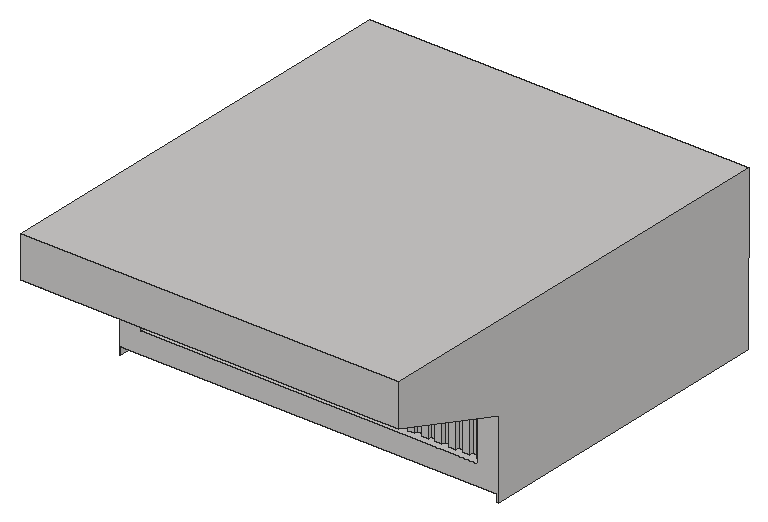
Revit family "QF_ZANUSSI_922729_HOEXFA61021", category Specialty Equipment, Revit 2021
Family settings
  Round Connector Dimension = Use Diameter
  Part Type = Normal
  Work Plane-Based = No
  Always vertical = Yes
  Cut with Voids When Loaded = No
  Shared = No
  Room Calculation Point = No
Parameters
  Weight = 66.00 kg
  Watts = 0 W
  Volts = 220 V
  URL Manufacturer = "http://www.zanussiprofessional.com"
  URL = "http://www.zanussiprofessional.com"
  Steam Supply Size = 0 mm
  Steam Supply Minimum Pressure = 0.0 Pa
  Steam Supply Maximum Pressure = 0.0 Pa
  Steam Pounds per Hour = 0
  Show Logo [instance] = yes
  Show Clearance [instance] = yes
  Refrigeration Suction Line Size = 0 mm
  Refrigeration Liquid Line Size = 0 mm
  Refrigerant Compressor Remote = yes
  Manufacturer = "Zanussi"
  Phase = 1
  Model = "HOST21"
  Length Actual = 1098 mm
  Item Number = "922729"
  Hot Water Size = 0 mm
  Height Actual = 450 mm
  HP = "0.6 HP"
  Gas Size = 0 mm
  Gas KW = 0
  Gas Input Pressure = 0 W
  Direct Waste Size = 0 mm
  Description = "EXHAUST HOOD WITH FAN FOR 6&10 GN 2/1 OVEN"
  Depth Actual = 1266 mm
  Default Elevation = 0 mm
  Cycle = 50 Hz
  Condensate Return Size = 0 mm
  Compressed Air Volume = 0.0 L/s
  Compressed Air Size = 0 mm
  Compressed Air Pressure = 0.0 Pa
  Cold Water Size = 0 mm
  Accessory = no
Reference planes
  plane 1 "Center X": y = 190.351
  plane 2: z = 0
  plane 3 "Center Y": x = -215
  plane 4 "LEFT": x = -760
  plane 5 "BACK": y = 675.851
  plane 6 "RIGHT": x = 330
  plane 7 "FRONT": y = -295.149
  plane 8 "TOP": z = 1728
  plane 9: y = -590.149
  plane 10: x = -764
  plane 11: x = 334
  plane 12: z = 2178
Forms (mm)
  Extrusion 1, solid, material "QF_Clearance", visible <- "Show Clearance", detail levels coarse
    sketch origin (0, 0, 0) x (1, 0, 0) y (0, 1, 0)
      loop
        line (-764, 675.851) -> (334, 675.851) -> (334, 825.851) -> (-764, 825.851) -> (-764, 675.851)
    from 1707 to 2178
  Extrusion 2, solid, material "QF_Clearance", visible <- "Show Clearance", detail levels coarse
    sketch origin (-1150.39, -1524, 2178) x (-1, 0, 0) y (0, -1, 0)
      loop
        line (-386.39, -933.851) -> (-1484.39, -933.851) -> (-1484.39, -2349.851) -> (-386.39, -2349.851) -> (-386.39, -933.851)
    from 450 to 0
  Extrusion 3, solid, material "QF_Finishes_Stainless Steel"
    sketch origin (-215, 0, 0) x (0, 1, 0) y (0, 0, 1)
      loop
        line (675.851, 1728) -> (675.851, 2178) -> (-590.149, 2178) -> (-590.149, 2057.936) -> (-230.149, 1933.979) -> (-230.149, 1728) -> (675.851, 1728)
    from -549 to -489
  Extrusion 4, solid, material "QF_Finishes_Stainless Steel"
    sketch origin (-215, 0, 0) x (0, 1, 0) y (0, 0, 1)
      loop
        line (675.851, 1728) -> (675.851, 2178) -> (-590.149, 2178) -> (-590.149, 2057.936) -> (-230.149, 1933.979) -> (-230.149, 1728) -> (675.851, 1728)
    from 549 to 489
  Extrusion 5, solid, material "QF_Finishes_Stainless Steel"
    sketch origin (-215, 0, 0) x (0, 1, 0) y (0, 0, 1)
      loop
        line (675.851, 1728) -> (675.851, 2178) -> (-590.149, 2178) -> (-590.149, 2057.936) -> (-210.149, 2057.936) -> (-210.149, 1788) -> (-230.149, 1788) -> (-230.149, 1728) -> (675.851, 1728)
    from -489 to 489
  Extrusion 6, solid, material "QF_Finishes_Stainless Steel"
    sketch origin (0, -295.149, 0) x (-1, 0, 0) y (0, 0, 1)
      loop
        line (764, 1728) -> (760, 1728) -> (760, 1707) -> (764, 1707) -> (764, 1728)
      loop
        line (-330, 1728) -> (-334, 1728) -> (-334, 1707) -> (-330, 1707) -> (-330, 1728)
    from 65 to 971
  Extrusion 7, void
    sketch origin (0, 0, 0) x (1, 0, 0) y (0, 1, 0)
      loop
        line (-685, -200.149) -> (-685, -210.149) -> (-665, -210.149) -> (-665, -200.149) -> (-685, -200.149)
      loop
        line (-645, -200.149) -> (-645, -210.149) -> (-625, -210.149) -> (-625, -200.149) -> (-645, -200.149)
      loop
        line (-605, -200.149) -> (-605, -210.149) -> (-585, -210.149) -> (-585, -200.149) -> (-605, -200.149)
      loop
        line (-565, -200.149) -> (-565, -210.149) -> (-545, -210.149) -> (-545, -200.149) -> (-565, -200.149)
      loop
        line (-525, -200.149) -> (-525, -210.149) -> (-505, -210.149) -> (-505, -200.149) -> (-525, -200.149)
      loop
        line (-485, -200.149) -> (-485, -210.149) -> (-465, -210.149) -> (-465, -200.149) -> (-485, -200.149)
      loop
        line (-445, -200.149) -> (-445, -210.149) -> (-425, -210.149) -> (-425, -200.149) -> (-445, -200.149)
      loop
        line (-405, -200.149) -> (-405, -210.149) -> (-385, -210.149) -> (-385, -200.149) -> (-405, -200.149)
      loop
        line (-365, -200.149) -> (-365, -210.149) -> (-345, -210.149) -> (-345, -200.149) -> (-365, -200.149)
      loop
        line (-325, -200.149) -> (-325, -210.149) -> (-305, -210.149) -> (-305, -200.149) -> (-325, -200.149)
      loop
        line (-285, -200.149) -> (-285, -210.149) -> (-265, -210.149) -> (-265, -200.149) -> (-285, -200.149)
      loop
        line (-245, -200.149) -> (-245, -210.149) -> (-225, -210.149) -> (-225, -200.149) -> (-245, -200.149)
      loop
        line (-205, -200.149) -> (-205, -210.149) -> (-185, -210.149) -> (-185, -200.149) -> (-205, -200.149)
      loop
        line (-165, -200.149) -> (-165, -210.149) -> (-145, -210.149) -> (-145, -200.149) -> (-165, -200.149)
      loop
        line (-125, -200.149) -> (-125, -210.149) -> (-105, -210.149) -> (-105, -200.149) -> (-125, -200.149)
      loop
        line (-85, -200.149) -> (-85, -210.149) -> (-65, -210.149) -> (-65, -200.149) -> (-85, -200.149)
      loop
        line (-45, -200.149) -> (-45, -210.149) -> (-25, -210.149) -> (-25, -200.149) -> (-45, -200.149)
      loop
        line (-5, -200.149) -> (-5, -210.149) -> (15, -210.149) -> (15, -200.149) -> (-5, -200.149)
      loop
        line (35, -200.149) -> (35, -210.149) -> (55, -210.149) -> (55, -200.149) -> (35, -200.149)
      loop
        line (75, -200.149) -> (75, -210.149) -> (95, -210.149) -> (95, -200.149) -> (75, -200.149)
      loop
        line (115, -200.149) -> (115, -210.149) -> (135, -210.149) -> (135, -200.149) -> (115, -200.149)
      loop
        line (155, -200.149) -> (155, -210.149) -> (175, -210.149) -> (175, -200.149) -> (155, -200.149)
      loop
        line (195, -200.149) -> (195, -210.149) -> (215, -210.149) -> (215, -200.149) -> (195, -200.149)
      loop
        line (235, -200.149) -> (235, -210.149) -> (255, -210.149) -> (255, -200.149) -> (235, -200.149)
    from 1788 to 2057.936
  Extrusion 8, solid, material "QF_Finishes_Stainless Steel"
    sketch origin (0, 675.851, 0) x (-1, 0, 0) y (0, 0, 1)
      loop
        circle (-309, 2113) r 8
      loop
        circle (215, 1746) r 7
    from 0 to 20
Cuts and joins
  joined: Extrusion 1, Extrusion 2
  Extrusion 7 cuts Extrusion 5
  joined: Extrusion 3, Extrusion 4, Extrusion 5, Extrusion 6, Extrusion 8
Lines and regions (mm)
  symbolic lines, style "QF_Clearances", visible <- "Show Clearance"
    curve 1: line (334, 825.851, 0) -> (-764, 825.851, 0)
  symbolic lines, style "Linee tratto punto"
    curve 2: line (-764, 675.851, 0) -> (334, 675.851, 0)
    curve 3: line (-764, -590.149, 0) -> (-764, 675.851, 0)
    curve 4: line (334, -590.149, 0) -> (-764, -590.149, 0)
    curve 5: line (334, 675.851, 0) -> (334, -590.149, 0)
    curve 16: line (-764, -590.149, 0) -> (334, 675.851, 0)
    curve 17: line (-764, 675.851, 0) -> (334, -590.149, 0)
  symbolic lines
    curve 6: line (-222, 695.851, 0) -> (-208, 695.851, 0)
    curve 7: line (-208, 695.851, 0) -> (-208, 675.851, 0)
    curve 8: line (-222, 695.851, 0) -> (-222, 675.851, 0)
    curve 9: line (317, 695.851, 0) -> (317, 675.851, 0)
    curve 10: line (317, 695.851, 0) -> (301, 695.851, 0)
    curve 11: line (301, 695.851, 0) -> (301, 675.851, 0)
  symbolic lines, style "SpecialityEquipmentHiddenLines"
    curve 12: line (-111, 534.851, 0) -> (189, 534.851, 0)
    curve 13: line (-111, 234.851, 0) -> (-111, 534.851, 0)
    curve 14: line (189, 234.851, 0) -> (-111, 234.851, 0)
    curve 15: line (189, 534.851, 0) -> (189, 234.851, 0)
Dimensions and locks
  equal spacing: plane 4 "LEFT", plane 3 "Center Y", plane 6 "RIGHT"
  plane 10 to plane 11 = 1098 mm
  plane 5 "BACK" to plane 9 = 1266 mm
  equal spacing: plane 5 "BACK", plane 1 "Center X", plane 7 "FRONT"
  locked: plane 10 to plane 4 "LEFT" at 4
  locked: plane 6 "RIGHT" to plane 11 at 4
  cut or joined group of Extrusion 3, Extrusion 4, Extrusion 5, Extrusion 6, Extrusion 7, Extrusion 8 to Extrusion 8 sketch curve = 39 mm
  Extrusion 8 sketch curve to plane 12 = 65 mm
  plane 11 to Extrusion 8 sketch curve = 25 mm
  aligned and locked: level to plane 2
Automatic sketch dimensions
  Extrusion 1 sketch curve to plane 10 = 0 mm
  Extrusion 1 sketch curve to plane 11 = 0 mm
  Extrusion 1 sketch curve to plane 5 "BACK" = 0 mm
  plane 5 "BACK" to Extrusion 1 sketch curve = 150 mm
  Extrusion 2 sketch curve to plane 9 = 0 mm
  Extrusion 2 sketch curve to plane 11 = 0 mm
  Extrusion 2 sketch curve to plane 10 = 0 mm
  plane 5 "BACK" to Extrusion 2 sketch curve = 150 mm
  Extrusion 3 sketch curve to plane 9 = 0 mm
  Extrusion 3 sketch curve to plane 8 "TOP" = 0 mm
  Extrusion 3 sketch curve to plane 5 "BACK" = 0 mm
  Extrusion 3 sketch curve to plane 12 = 0 mm
  plane 7 "FRONT" to Extrusion 3 sketch curve = 65 mm
  plane 8 "TOP" to Extrusion 3 sketch curve = 205.979 mm
  Extrusion 3 sketch curve to Extrusion 3 sketch curve = 120.064 mm
  Extrusion 4 sketch curve to plane 9 = 0 mm
  Extrusion 4 sketch curve to plane 8 "TOP" = 0 mm
  Extrusion 4 sketch curve to plane 5 "BACK" = 0 mm
  Extrusion 4 sketch curve to plane 12 = 0 mm
  plane 7 "FRONT" to Extrusion 4 sketch curve = 65 mm
  plane 8 "TOP" to Extrusion 4 sketch curve = 205.979 mm
  Extrusion 4 sketch curve to Extrusion 4 sketch curve = 120.064 mm
  Extrusion 5 sketch curve to plane 9 = 0 mm
  Extrusion 5 sketch curve to plane 8 "TOP" = 0 mm
  Extrusion 5 sketch curve to plane 5 "BACK" = 0 mm
  Extrusion 5 sketch curve to plane 12 = 0 mm
  plane 7 "FRONT" to Extrusion 5 sketch curve = 65 mm
  plane 7 "FRONT" to Extrusion 5 sketch curve = 85 mm
  plane 8 "TOP" to Extrusion 5 sketch curve = 60 mm
  Extrusion 5 sketch curve to plane 12 = 120.064 mm
  Extrusion 6 sketch curve to plane 8 "TOP" = 0 mm  (x2)
  Extrusion 6 sketch curve to plane 11 = 0 mm
  Extrusion 6 sketch curve to plane 6 "RIGHT" = 0 mm
  Extrusion 6 sketch curve to plane 4 "LEFT" = 0 mm
  Extrusion 6 sketch curve to plane 10 = 0 mm
  Extrusion 6 sketch curve to plane 8 "TOP" = 21 mm
  Extrusion 6 sketch curve to Extrusion 6 sketch curve = 21 mm
  plane 4 "LEFT" to Extrusion 7 sketch curve = 75 mm
  Extrusion 7 sketch curve to Extrusion 7 sketch curve = 20 mm  (x45)
  Extrusion 7 sketch curve to plane 3 "Center Y" = 10 mm
  plane 3 "Center Y" to Extrusion 7 sketch curve = 10 mm
  plane 7 "FRONT" to Extrusion 7 sketch curve = 85 mm  (x2)
  Extrusion 7 sketch curve to Extrusion 7 sketch curve = 0 mm  (x22)
  Extrusion 7 sketch curve to Extrusion 7 sketch curve = 10 mm  (x24)
  Extrusion 8 sketch curve to plane 3 "Center Y" = 0 mm
  curve 1 to plane 10 = 0 mm
  curve 4 to plane 10 = 0 mm
  curve 1 to plane 11 = 0 mm
  curve 16 to plane 5 "BACK" = 0 mm
  curve 16 to plane 11 = 0 mm
  curve 5 to plane 9 = 0 mm
  curve 8 to plane 3 "Center Y" = 7 mm
  plane 3 "Center Y" to curve 6 = 7 mm
  plane 3 "Center Y" to curve 12 = 104 mm
  curve 15 to plane 6 "RIGHT" = 141 mm
  curve 11 to plane 6 "RIGHT" = 29 mm
  curve 9 to plane 6 "RIGHT" = 13 mm
  curve 14 to plane 1 "Center X" = 44.5 mm
  curve 12 to plane 5 "BACK" = 141 mm
  curve 9 to curve 10 = 20 mm
  plane 5 "BACK" to curve 8 = 20 mm
  curve 9 to curve 1 = 130 mm
  radius of Extrusion 8 sketch curve = 8 mm
  radius of Extrusion 8 sketch curve = 7 mm
Connectors
  electrical at (309, 695.851, 2113)
    settings: on cut or joined group of Extrusion 3, Extrusion 4, Extrusion 5, Extrusion 6, Extrusion 7, Extrusion 8, index 1, voltage 0 V, apparent load 0 VA, apparent load phase1 0 VA, apparent load phase2 0 VA, apparent load phase3 0 VA, power factor 1, load classification "Altro", number of poles 1, system type 30, power factor state 1, is connector primary yes, connector utility no, sub classification motor no, connector description "Electrical Connection"
  piping at (-215, 695.851, 1746), diameter 14
    settings: on cut or joined group of Extrusion 3, Extrusion 4, Extrusion 5, Extrusion 6, Extrusion 7, Extrusion 8, index 2, connector inside diameter 609.6 mm, connector length 0 mm, flow factor 0, pipe flow 0.0 L/s, pressure drop 0.0 Pa, fitting loss kfactor 0, connector angle 0.00°, fixture units 0, engagement length 0 mm, angle of deflection 0.00°, flow configuration 1, flow direction 2, fitting loss method 0, system type 16, joint type 0, gender type 0, connector reference index -1, connector utility 0, adjustable connector no, is connector primary yes, connector description "Drain"
